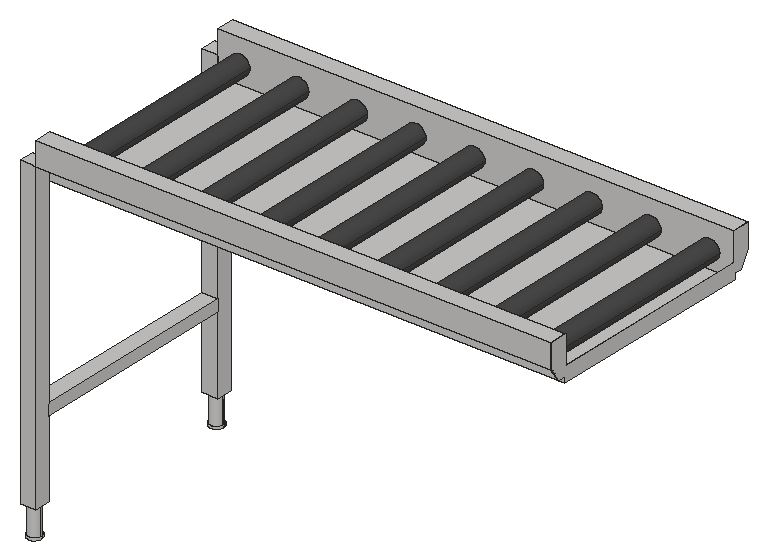
Revit family "QF_ELECTROLUXPROFESSIONAL_863027_HSLRC13", category Specialty Equipment, Revit 2018
Family settings
  Round Connector Dimension = Use Diameter
  Part Type = Normal
  Work Plane-Based = No
  Always vertical = Yes
  Cut with Voids When Loaded = No
  Shared = No
  Room Calculation Point = No
Parameters
  Weight = 0.00 kg
  Watts = 0 W
  Volts = 0 V
  URL Manufacturer = "http://professional.electrolux.com/"
  URL = "http://professional.electrolux.com/"
  Steam Supply Size = 0 mm
  Steam Supply Minimum Pressure = 0.0 Pa
  Steam Supply Maximum Pressure = 0.0 Pa
  Steam Pounds per Hour = 0
  Refrigeration Suction Line Size = 0 mm
  Refrigeration Liquid Line Size = 0 mm
  Refrigerant Compressor Remote = yes
  Manufacturer = "Electrolux"
  Phase = 0
  Model = "HSLRC13"
  Length Actual = 1300 mm  # constant formula
  Item Number = "863027"
  Hot Water Size = 0 mm
  Height Actual = 910 mm  # constant formula
  HP = "0 HP"
  Gas Size = 0 mm
  Gas KW = 0
  Gas Input Pressure = 0 W
  Description = "CONVEYOR, LONG ROLLERS, L=1300 MM"
  Depth Actual = 620 mm  # constant formula
  Cycle = 0 Hz
  Condensate Return Size = 0 mm
  Compressed Air Volume = 0.0 L/s
  Compressed Air Size = 0 mm
  Compressed Air Pressure = 0.0 Pa
  Cold Water Size = 0 mm
  Accessory = yes
Reference planes
  plane 1 "Centro (Fronte/Retro)": y = 74.737
  plane 2: z = 0
  plane 3 "LEFT": x = -1038.761
  plane 4 "BACK": y = 384.737
  plane 5 "FRONT": y = -235.263
  plane 6: z = 910
  plane 7 "RIGHT": x = 261.239
  plane 8: x = -358.761
Forms (mm)
  Extrusion 1, solid, material "QF_Finishes_Stainless Steel"
    sketch origin (0, 74.737, 0) x (1, 0, 0) y (0, 0, 1)
      loop
        line (-1079.929, 300) -> (-1079.929, 270) -> (-1039.929, 270) -> (-1039.929, 300) -> (-1079.929, 300)
    from -266.504 to 266.46
  Extrusion 2, solid, material "QF_Finishes_Stainless Steel"
    sketch origin (11.239, 0, 0) x (0, 1, 0) y (0, 0, 1)
      loop
        line (-235.263, 910) -> (-235.263, 850.033) -> (-190.242, 850.033) -> (-190.242, 910) -> (-235.263, 910)
      loop
        line (384.737, 910) -> (339.716, 910) -> (339.716, 850.033) -> (384.737, 850.033) -> (384.737, 910)
    from -1050 to 248.8
  Extrusion 3, solid, material "QF_Finishes_Stainless Steel"
    sketch origin (11.239, 0, 0) x (0, 1, 0) y (0, 0, 1)
      loop
        line (-191.727, 850.033) -> (-191.727, 800.081) -> (341.245, 800.081) -> (341.245, 850.033) -> (339.716, 850.033) -> (339.716, 803.081) -> (-190.242, 803.081) -> (-190.242, 850.033) -> (-191.727, 850.033)
    from -1050 to 248.8
  Extrusion 4, solid, material "QF_Finishes_Black"
    sketch origin (0, 74.737, 0) x (1, 0, 0) y (0, 0, -1)
      loop
        circle (-980.637, -850.115) r 25
      loop
        circle (-832.668, -850.115) r 25
      loop
        circle (-684.699, -850.115) r 25
      loop
        circle (203.115, -850.115) r 25
      loop
        circle (-388.761, -850.115) r 25
      loop
        circle (-240.792, -850.115) r 25
      loop
        circle (-92.823, -850.115) r 25
      loop
        circle (55.146, -850.115) r 25
      loop
        circle (-536.73, -850.115) r 25
    from -260.534 to 260.534
  Extrusion 5, solid, material "QF_Finishes_Stainless Steel"
    sketch origin (1761.239, 723.253, 4000) x (0, 1, 0) y (0, 0, 1)
      loop
        line (-958.516, -3090) -> (-958.516, -3149.967) -> (-934.752, -3185.632) -> (-915.4, -3185.632) -> (-915.4, -3199.919) -> (-381.633, -3199.919) -> (-381.633, -3185.632) -> (-362.281, -3185.632) -> (-338.516, -3149.967) -> (-338.516, -3090) -> (-383.538, -3090) -> (-383.538, -3161.926) -> (-913.495, -3161.926) -> (-913.495, -3090) -> (-958.516, -3090)
    from -1500 to -1501.2
  Revolve 6, solid, material "QF_Finishes_Stainless Steel"
    sketch origin (-388.823, 0, 0) x (0, 1, 0) y (0, 0, 1)
      loop
        line (74.737, 800.081) -> (12.53, 800.081) -> (12.319, 797.4) -> (12.319, 785.476) -> (17.293, 785.476) -> (17.293, 781.772)
        arc (17.293, 781.772) -> (20.266, 773.808) -> (27.77, 769.813) r 11.998
        line (27.77, 769.813) -> (74.737, 764.085) -> (74.737, 800.081)
      axis (74.737, 764.085) -> (74.737, 800.081)
    angle from 0 to 360
  Revolve 7, solid, material "QF_Finishes_Stainless Steel"
    sketch origin (-358.823, -1524, 744.096) x (0, 0, 1) y (0, -1, 0)
      loop
        line (13.017, -1619.713) -> (30, -1619.713) -> (30, -1598.737) -> (0, -1598.737) -> (0, -1619.713) -> (2.434, -1622.253) -> (10.477, -1622.253) -> (13.017, -1619.713)
      axis (0, -1598.737) -> (30, -1598.737)
    angle from 0 to 360
Cuts and joins
  joined: Extrusion 2, Extrusion 3
Lines and regions (mm)
  Split face 1
    outline origin (658.239, 339.716, 803.081) x (-1, 0, 0) y (0, -1, 0)
      loop
        circle (1047, 264.904) r 3.016
  Split face 2
    outline origin (658.239, 339.716, 803.081) x (-1, 0, 0) y (0, -1, 0)
      loop
        circle (1047, 264.904) r 52.991
  Split face 3
    outline origin (658.239, 339.716, 803.081) x (-1, 0, 0) y (0, -1, 0)
      loop
        circle (1047, 264.904) r 36.015
  Split face 4
    outline origin (658.239, 339.716, 803.081) x (-1, 0, 0) y (0, -1, 0)
      loop
        circle (1047, 264.904) r 26.027
  Split face 5
    outline origin (658.239, 339.716, 803.081) x (-1, 0, 0) y (0, -1, 0)
      loop
        circle (1047, 264.904) r 9.056
  Masking region 1
    outline origin (0, 0, 0) x (1, 0, 0) y (0, 1, 0)
      loop
        line (-1038.761, 384.737) -> (-1038.761, -235.263) -> (261.239, -235.263) -> (261.239, 384.737) -> (-1038.761, 384.737)
  symbolic lines
    curve 1: line (261.239, 384.737, 0) -> (-1038.761, 384.737, 0)
    curve 2: line (-1038.761, 384.737, 0) -> (-1038.761, -235.263, 0)
    curve 3: line (-1038.761, 339.716, 0) -> (261.239, 339.716, 0)
    curve 4: line (-1038.761, -235.263, 0) -> (261.239, -235.263, 0)
    curve 5: line (261.239, -235.263, 0) -> (261.239, 384.737, 0)
    curve 6: line (261.239, -190.242, 0) -> (-1038.761, -190.242, 0)
    curve 7: line (-955.637, 335.271, 0) -> (-1005.637, 335.271, 0)
    curve 8: line (-1005.637, 335.271, 0) -> (-1005.637, -185.797, 0)
    curve 9: line (-1005.637, -185.797, 0) -> (-955.637, -185.797, 0)
    curve 10: line (-955.637, -185.797, 0) -> (-955.637, 335.271, 0)
    curve 11: line (-807.668, 335.271, 0) -> (-857.668, 335.271, 0)
    curve 12: line (-857.668, 335.271, 0) -> (-857.668, -185.797, 0)
    curve 13: line (-857.668, -185.797, 0) -> (-807.668, -185.797, 0)
    curve 14: line (-807.668, -185.797, 0) -> (-807.668, 335.271, 0)
    curve 15: line (-659.699, 335.271, 0) -> (-709.699, 335.271, 0)
    curve 16: line (-709.699, 335.271, 0) -> (-709.699, -185.797, 0)
    curve 17: line (-709.699, -185.797, 0) -> (-659.699, -185.797, 0)
    curve 18: line (-659.699, -185.797, 0) -> (-659.699, 335.271, 0)
    curve 19: line (228.115, 335.271, 0) -> (178.115, 335.271, 0)
    curve 20: line (178.115, 335.271, 0) -> (178.115, -185.797, 0)
    curve 21: line (178.115, -185.797, 0) -> (228.115, -185.797, 0)
    curve 22: line (228.115, -185.797, 0) -> (228.115, 335.271, 0)
    curve 23: line (261.239, 74.737, 0) -> (231.239, 74.737, 0)
    curve 24: line (-1038.761, 74.737, 0) -> (-1008.761, 74.737, 0)
    curve 25: arc (-389.404, 137.156, 0) -> (-326.986, 74.737, 0) -> (-389.404, 12.319, 0) r 62.418
    curve 26: arc (-389.404, 12.319, 0) -> (-451.823, 74.737, 0) -> (-389.404, 137.156, 0) r 62.418
    curve 27: arc (-359.404, 95.713, 0) -> (-380.38, 74.737, 0) -> (-359.404, 53.761, 0) r 20.976
    curve 28: arc (-359.404, 53.761, 0) -> (-338.428, 74.737, 0) -> (-359.404, 95.713, 0) r 20.976
    curve 29: line (-511.73, 335.271, 0) -> (-561.73, 335.271, 0)
    curve 30: line (-561.73, 335.271, 0) -> (-561.73, -185.797, 0)
    curve 31: line (-561.73, -185.797, 0) -> (-511.73, -185.797, 0)
    curve 32: line (-511.73, -185.797, 0) -> (-511.73, 335.271, 0)
    curve 33: line (-363.761, 335.271, 0) -> (-413.761, 335.271, 0)
    curve 34: line (-413.761, 335.271, 0) -> (-413.761, -185.797, 0)
    curve 35: line (-413.761, -185.797, 0) -> (-363.761, -185.797, 0)
    curve 36: line (-363.761, -185.797, 0) -> (-363.761, 335.271, 0)
    curve 37: line (-215.792, 335.271, 0) -> (-265.792, 335.271, 0)
    curve 38: line (-265.792, 335.271, 0) -> (-265.792, -185.797, 0)
    curve 39: line (-265.792, -185.797, 0) -> (-215.792, -185.797, 0)
    curve 40: line (-215.792, -185.797, 0) -> (-215.792, 335.271, 0)
    curve 41: line (-67.823, 335.271, 0) -> (-117.823, 335.271, 0)
    curve 42: line (-117.823, 335.271, 0) -> (-117.823, -185.797, 0)
    curve 43: line (-117.823, -185.797, 0) -> (-67.823, -185.797, 0)
    curve 44: line (-67.823, -185.797, 0) -> (-67.823, 335.271, 0)
    curve 45: line (80.146, 335.271, 0) -> (30.146, 335.271, 0)
    curve 46: line (30.146, 335.271, 0) -> (30.146, -185.797, 0)
    curve 47: line (30.146, -185.797, 0) -> (80.146, -185.797, 0)
    curve 48: line (80.146, -185.797, 0) -> (80.146, 335.271, 0)
Dimensions and locks
  plane 3 "LEFT" to plane 7 "RIGHT" = 1300 mm
  equal spacing: plane 4 "BACK", plane 1 "Centro (Fronte/Retro)", plane 5 "FRONT"
  plane 4 "BACK" to plane 5 "FRONT" = 620 mm
  locked: Extrusion 4 sketch curve to plane 3 "LEFT" at 58.124
  locked: plane 7 "RIGHT" to Extrusion 4 sketch curve at 58.124
  aligned and locked: level to plane 2
Automatic sketch dimensions
  Extrusion 1 sketch curve to plane 3 "LEFT" = 41.168 mm
  Extrusion 1 sketch curve to plane 3 "LEFT" = 1.168 mm
  level to Extrusion 1 sketch curve = 270 mm
  Extrusion 1 sketch curve to Extrusion 1 sketch curve = 30 mm
  Extrusion 2 sketch curve to plane 5 "FRONT" = 0 mm
  Extrusion 2 sketch curve to plane 6 = 0 mm  (x2)
  Extrusion 2 sketch curve to plane 4 "BACK" = 0 mm
  plane 5 "FRONT" to Extrusion 2 sketch curve = 45.021 mm
  Extrusion 2 sketch curve to plane 4 "BACK" = 45.021 mm
  Extrusion 2 sketch curve to Extrusion 2 sketch curve = 59.967 mm  (x2)
  plane 5 "FRONT" to Extrusion 3 sketch curve = 43.536 mm
  Extrusion 3 sketch curve to Extrusion 3 sketch curve = 1.486 mm
  Extrusion 3 sketch curve to plane 4 "BACK" = 45.021 mm
  Extrusion 3 sketch curve to Extrusion 3 sketch curve = 1.529 mm
  Extrusion 3 sketch curve to plane 6 = 109.919 mm
  Extrusion 3 sketch curve to Extrusion 3 sketch curve = 3 mm
  Extrusion 3 sketch curve to Extrusion 3 sketch curve = 46.952 mm  (x2)
  Split face 1 sketch curve to cut or joined group of Extrusion 2, Extrusion 3 = 648.8 mm
  cut or joined group of Extrusion 2, Extrusion 3 to Split face 1 sketch curve = 264.904 mm
  Split face 2 sketch curve to cut or joined group of Extrusion 2, Extrusion 3 = 648.8 mm
  cut or joined group of Extrusion 2, Extrusion 3 to Split face 2 sketch curve = 264.904 mm
  Split face 3 sketch curve to cut or joined group of Extrusion 2, Extrusion 3 = 648.8 mm
  cut or joined group of Extrusion 2, Extrusion 3 to Split face 3 sketch curve = 264.904 mm
  Split face 4 sketch curve to cut or joined group of Extrusion 2, Extrusion 3 = 648.8 mm
  cut or joined group of Extrusion 2, Extrusion 3 to Split face 4 sketch curve = 264.904 mm
  Split face 5 sketch curve to cut or joined group of Extrusion 2, Extrusion 3 = 648.8 mm
  cut or joined group of Extrusion 2, Extrusion 3 to Split face 5 sketch curve = 264.904 mm
  Masking region 1 sketch curve to plane 3 "LEFT" = 0 mm
  Masking region 1 sketch curve to plane 5 "FRONT" = 0 mm
  Masking region 1 sketch curve to plane 7 "RIGHT" = 0 mm
  Masking region 1 sketch curve to plane 4 "BACK" = 0 mm
  Extrusion 5 sketch curve to plane 5 "FRONT" = 0 mm
  Extrusion 5 sketch curve to plane 6 = 0 mm  (x2)
  Extrusion 5 sketch curve to plane 4 "BACK" = 0 mm
  plane 5 "FRONT" to Extrusion 5 sketch curve = 23.764 mm
  Extrusion 5 sketch curve to Extrusion 5 sketch curve = 19.352 mm  (x2)
  plane 5 "FRONT" to Extrusion 5 sketch curve = 45.021 mm
  Extrusion 5 sketch curve to plane 4 "BACK" = 45.021 mm
  Extrusion 5 sketch curve to Extrusion 5 sketch curve = 1.905 mm
  Extrusion 5 sketch curve to Extrusion 5 sketch curve = 59.967 mm  (x2)
  Extrusion 5 sketch curve to Extrusion 5 sketch curve = 11.959 mm
  Extrusion 5 sketch curve to Extrusion 5 sketch curve = 23.706 mm  (x2)
  Extrusion 5 sketch curve to Extrusion 5 sketch curve = 14.287 mm
  Revolve 6 sketch curve to plane 1 "Centro (Fronte/Retro)" = 0 mm  (x2)
  plane 1 "Centro (Fronte/Retro)" to Revolve 6 sketch curve = 45.447 mm
  Revolve 6 sketch curve to Revolve 6 sketch curve = 1.52 mm
  Revolve 6 sketch curve to Revolve 6 sketch curve = 11.998 mm
  Revolve 6 sketch curve to Revolve 6 sketch curve = 4.762 mm
  Revolve 6 sketch curve to Revolve 6 sketch curve = 4.974 mm
  Revolve 6 sketch curve to plane 6 = 145.915 mm
  Revolve 6 sketch curve to Revolve 6 sketch curve = 5.727 mm
  Revolve 6 sketch curve to Revolve 6 sketch curve = 11.901 mm
  Revolve 6 sketch curve to Revolve 6 sketch curve = 3.704 mm
  Revolve 6 sketch curve to Revolve 6 sketch curve = 11.924 mm
  Revolve 6 sketch curve to Revolve 6 sketch curve = 2.681 mm
  Revolve 6 sketch curve to Revolve 6 sketch curve = 3 mm
  Revolve 6 sketch curve to Revolve 6 sketch curve = 14.991 mm
  Revolve 7 sketch curve to plane 1 "Centro (Fronte/Retro)" = 0 mm  (x2)
  Revolve 7 sketch curve to plane 1 "Centro (Fronte/Retro)" = 20.976 mm
  Revolve 7 sketch curve to plane 6 = 165.904 mm
  Revolve 7 sketch curve to plane 1 "Centro (Fronte/Retro)" = 23.516 mm
  Revolve 7 sketch curve to Revolve 7 sketch curve = 2.434 mm
  Revolve 7 sketch curve to Revolve 7 sketch curve = 8.043 mm
  Revolve 7 sketch curve to Revolve 7 sketch curve = 2.54 mm  (x2)
  Revolve 7 sketch curve to Revolve 7 sketch curve = 16.983 mm
  Revolve 7 sketch curve to Revolve 7 sketch curve = 3.127 mm
  Revolve 7 sketch curve to Revolve 7 sketch curve = 7.343 mm
  Extrusion 4 sketch curve to plane 6 = 59.885 mm  (x9)
  Extrusion 4 sketch curve to Extrusion 4 sketch curve = 147.969 mm  (x5)
  Extrusion 4 sketch curve to plane 8 = 30 mm
  plane 8 to Extrusion 4 sketch curve = 117.969 mm
  curve 25 to curve 26 = 0 mm  (x2)
  curve 27 to curve 28 = 0 mm  (x2)
  plane 1 "Centro (Fronte/Retro)" to curve 24 = 0 mm
  curve 24 to plane 3 "LEFT" = 0 mm
  plane 1 "Centro (Fronte/Retro)" to curve 26 = 0 mm
  plane 1 "Centro (Fronte/Retro)" to curve 28 = 0 mm
  plane 1 "Centro (Fronte/Retro)" to curve 23 = 0 mm
  curve 6 to plane 7 "RIGHT" = 0 mm
  curve 4 to plane 5 "FRONT" = 0 mm
  curve 2 to plane 4 "BACK" = 0 mm
  plane 3 "LEFT" to curve 7 = 33.124 mm
  curve 8 to curve 9 = 50 mm
  curve 9 to curve 12 = 97.969 mm
  curve 11 to curve 11 = 50 mm
  curve 13 to curve 16 = 97.969 mm
  curve 15 to curve 15 = 50 mm
  curve 17 to curve 31 = 97.969 mm
  curve 29 to curve 29 = 50 mm
  curve 35 to plane 8 = 55 mm
  curve 26 to plane 8 = 30.643 mm
  curve 36 to plane 8 = 5 mm
  curve 28 to plane 8 = 0.643 mm
  plane 8 to curve 39 = 92.969 mm
  curve 38 to curve 39 = 50 mm
  curve 39 to curve 43 = 97.969 mm
  curve 41 to curve 41 = 50 mm
  curve 41 to curve 45 = 97.969 mm
  curve 45 to curve 45 = 50 mm
  curve 20 to plane 7 "RIGHT" = 83.124 mm
  curve 21 to plane 7 "RIGHT" = 33.124 mm
  plane 5 "FRONT" to curve 47 = 49.466 mm
  plane 5 "FRONT" to curve 43 = 49.466 mm
  plane 5 "FRONT" to curve 40 = 49.466 mm
  plane 5 "FRONT" to curve 8 = 49.466 mm
  plane 5 "FRONT" to curve 36 = 49.466 mm
  plane 5 "FRONT" to curve 12 = 49.466 mm
  plane 5 "FRONT" to curve 32 = 49.466 mm
  plane 5 "FRONT" to curve 16 = 49.466 mm
  plane 5 "FRONT" to curve 21 = 49.466 mm
  curve 48 to plane 4 "BACK" = 49.466 mm
  curve 20 to plane 4 "BACK" = 49.466 mm
  curve 29 to plane 4 "BACK" = 49.466 mm
  curve 18 to plane 4 "BACK" = 49.466 mm
  curve 33 to plane 4 "BACK" = 49.466 mm
  curve 14 to plane 4 "BACK" = 49.466 mm
  curve 37 to plane 4 "BACK" = 49.466 mm
  curve 10 to plane 4 "BACK" = 49.466 mm
  curve 41 to plane 4 "BACK" = 49.466 mm
  plane 3 "LEFT" to curve 24 = 30 mm
  curve 23 to plane 7 "RIGHT" = 30 mm
  curve 6 to curve 21 = 4.445 mm
  curve 26 to curve 25 = 62.418 mm
  curve 28 to curve 27 = 20.976 mm
  curve 19 to curve 3 = 4.445 mm
  radius of Split face 1 sketch curve = 3.016 mm
  radius of Split face 2 sketch curve = 52.991 mm
  radius of Split face 3 sketch curve = 36.015 mm
  radius of Split face 4 sketch curve = 26.027 mm
  radius of Split face 5 sketch curve = 9.056 mm
  radius of Extrusion 4 sketch curve = 25 mm  (x9)
Nested families
  nested 1: "Foot_40x40" at (-1059.929, 361.245, 0), type "Foot_40x40"
    with A 850.033 mm
  nested 2: "Foot_40x40" at (-1059.929, -211.771, 0), type "Foot_40x40"
    with A 850.033 mm
  nested 3: "Foot_40x40" at (-1059.929, 361.288, 0), type "Foot_40x40"
    with A 850.033 mm
Connectors
  piping at (-358.823, 74.737, 744.096), diameter 30
    settings: on Revolve 7, index 4, connector inside diameter 609.6 mm, connector length 0 mm, flow factor 0, pipe flow 0.0 L/s, pressure drop 0.0 Pa, fitting loss kfactor 0, connector angle 0.00°, fixture units 0, engagement length 0 mm, angle of deflection 0.00°, flow configuration 1, flow direction 2, fitting loss method 0, system type 16, joint type 0, gender type 0, connector reference index -1, connector utility 0, adjustable connector no, is connector primary yes, connector description "Drain"
Definition of nested family "Foot_40x40"
  Parameters
    A [instance] = 850 mm
  Reference planes
    plane 1 "Centro (Fronte/Retro)": y = 0
    plane 2: z = 0
    plane 3 "Centro (Sinistra/Destra)": x = 0
    plane 4: z = 850
  Forms (mm)
    Extrusion 1, solid
      sketch origin (0, 0, 0) x (1, 0, 0) y (0, 1, 0)
        loop
          circle (0, 0) r 18
      from 0 to 5
    Extrusion 2, solid
      sketch origin (0, 0, 5) x (1, 0, 0) y (0, 1, 0)
        loop
          circle (0, 0) r 15
      from 0 to 70
    Extrusion 3, solid
      sketch origin (0, 0, 75) x (1, 0, 0) y (0, 1, 0)
        loop
          line (-20, 20) -> (-20, -20) -> (20, -20) -> (20, 20) -> (-20, 20)
      from 0 to 775
  Dimensions and locks
    "A": plane 4 to plane 2
    aligned and locked: level to plane 2
    aligned and locked: plane 4 to Extrusion 3
    aligned and locked: Extrusion 1 to level
  Automatic sketch dimensions
    plane 1 "Centro (Fronte/Retro)" to Extrusion 1 sketch curve = 0 mm
    Extrusion 1 sketch curve to plane 3 "Centro (Sinistra/Destra)" = 0 mm
    Extrusion 3 sketch curve to Extrusion 3 sketch curve = 40 mm  (x2)
    radius of Extrusion 1 sketch curve = 18 mm
    radius of Extrusion 2 sketch curve to Extrusion 1 = 3 mm
